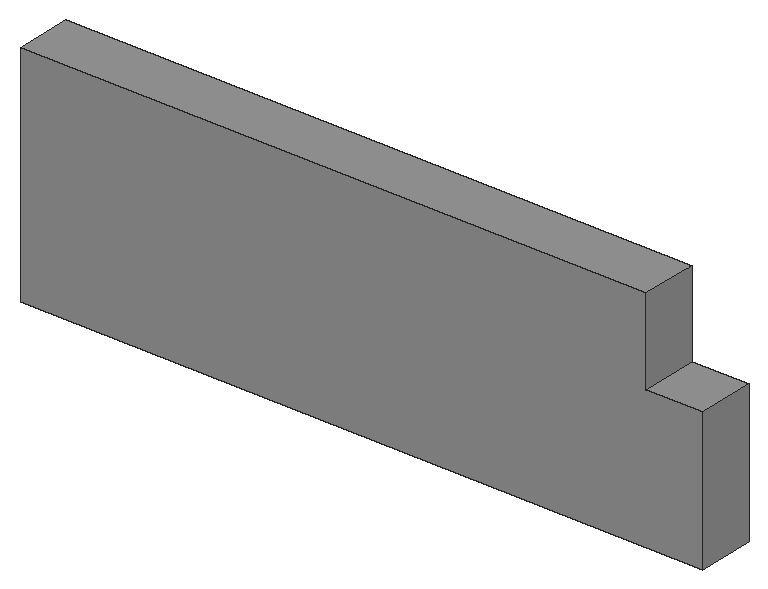
Revit family "1. Sálvora_NormalP_EN", category Modelos genéricos, Revit 2017
Family settings
  Anfitrión = Muro
  Puede alojar armadura = No
  Cota de conector redondo = Diámetro de uso
  Tipo de pieza = Normal
  Siempre vertical = Sí
  Corte con vacíos al cargar = No
  Compartido = No
  Punto de cálculo de habitación = No
Parameters (values of type "Stonepanel® Sálvora 20 cm - 60 cm")
  Stonepanel advantages = "More Efficient: Simple and quick installation: 10 times faster than traditional masonry (placing rate average 20m2/day). More profitable: virtually non-existent product waste. Natural Stone products are more durable than other cladding materials. Stonepanel™ installation requires no skilled labour or machinery.\r\nSafer: The incorporated mechanical anchor of Stonepanel™, made of stainless steel, enables the installation of natural stone panel on surfaces higher than two meters. Strong and uniform cement base ensures adherence and allows piece cutting without risk of detachment.\r\nHigh Quality: Manufacturing processes are continually monitored by the R&D Department of CUPAGROUP. A great selection of natural stone is done by the experts of CUPASTONE. Special pieces are available, such as corners (solid, straight end, double end or for windows), coverings and other complementary solutions.\r\nMore Aesthetic: ‘S’-shaped panels to avoid visible joints, in order to enhance the external look of any projet. A wide range of natural stone panels with different colours and finishes is available. Beauty and exclusiveness of the natural stone: each piece is unique."
  Uses Indicated = "Decorative cladding system suitable for indoor and outdoor use on new or existing buildings when attached to solid walls of masonry or concrete.\r\nStonepanel Sky can be installed at any height. Stonepanel can be installed at heights up to 2 metres."
  URL = "http://www.cupastone.com/cupa/productos/panel-de-piedra/?n=stonepanel-orient-oro"
  Fire resistance = "Non-combustible"
  Durability = "The system has a design life in excess of 30 years."
  Delivery form = "Panels are packed in plastic in pairs."
  Construction details = "Details of:\r\n- Installation with a metal profile\r\n- Installation of Stonepanel\r\n- Installation on interior wall\r\n- Installation of the safety element (perforated band, screws and wall plugs)\r\n- Incoming corner\r\n- Protruding corner\r\n- Prefabricated protruding corner\r\n- Protruding corner with sawn panels\r\n- Protruding corner without Stonepanel continuity (lateral façade)\r\n- Upper edges\r\n- Avobe parapet\r\n- Frame of vain"
  Resistance = "High resistance"
  Weight = "9,5 kg"
  Oxidation = "No oxidation"
  Other relevant info = "All panels installed above 2 m from the ground must be fixed with both mortar adhesive and mechanical fixings"
  Modelo = "Stonepanel® Sálvora"
  Material = "Brown reddish combined with darker and lighter tones, an original combination for contemporary homes."
  Cleaning = "Generally the panels do not require maintenance and are self-cleaning but removal of some types of mark may require specialist treatment\r\nFor abnormal soiling, the surface may be cleaned using a hot water/household detergent mixture, applied\r\nwith a suitable cleaning pad or sponge."
  Large = 600 mm
  Imagen de tipo = <Ninguno>
  Format = "600 x 200"
  Form = "“S”-shaped"
  Fabricante = "Cupastone"
  Anchor system = "Perforated steel banding:\r\n- Stainless steel grade AISI 316 (1.4401) or AISI 304 (1.4301) with a minimum thickness of 0.7 mm and width of 12 mm to 15 mm, with holes 6±1 mm in diameter.\r\n- Stainless steel grade AISI 304 (1.4301) with a minimum thickness of 0.8 mm and width of 10±1 mm, with holes 5±1 mm in diameter.\r\n- The steel banding has five holes on each of the two wings, which are aligned in order to fix a screw through both holes into the wall.\r\n\r\nStainless steel screws and wall plugs:\r\nThe pull-out value of the fixings for securing Stonepanel Sky panels to the wall should be determined on site using the characteristic pull-out resistance divided by a minimum safety factor of 3."
  Tests performed by Avis Technique = "Avis Technique\r\nMechanical strenth of the anchor\r\nResistance of the mechanical fixing\r\nTesting of durability after water\r\nDurability after freeze\r\nSeismic test\r\nFire test"
  Height offset = 0 mm
  Descripción = "Panel made of natural stones bonded to a cement base reinforced with glassfibre mesh\r\n Each panel incorporates an embedded mechanical anchor used for additional fixing system, for heights above 2 metres from the ground"
  Apparent Density = "86,5 kg/m2"
  Secondary colour = "Grey"
  Principal colour = "Brown"
  Certifications = "Avis Technique - France - In process"
  Aspect = "Rustic"
  Width = 50 mm
  Height = 200 mm
  Finish = "Natural"
  Absorption = "Low absorption"
Reference planes
  plane 1 "Muro": y = 0
  plane 2 "Centro (Izquierda/Derecha)": x = 125
  plane 3 "Posterior": y = 75
Forms (mm)
  Extrusion 1, solid, material "Stonepanel® SKY Orient Gold"
    sketch origin (0, 160, 1120) x (1, 0, 0) y (0, 0, 1)
      loop
        line (125, -1120) -> (125, -996) -> (75, -996) -> (75, -920) -> (-475, -920) -> (-475, -1120) -> (125, -1120)
    from 35 to 85
Text (mm)
  text "Cara de colocación" at (-1848.837, 1116.779, 0), in view "Nivel de referencia"
  text "Cara de colocación" at (0, 1409.804, 2854.306), in view "Izquierda"
  text "Cara de colocación" at (0, 499.811, 2980.732), in view "Derecha"
Dimensions and locks
  locked: plane 3 "Posterior" to host wall
  locked: Extrusion 1 to plane 3 "Posterior" at 0
  "Width": Extrusion 1 to Extrusion 1
  "Large": Extrusion 1 to Extrusion 1
  locked: Extrusion 1 to Extrusion 1 at 76
  "Height offset": level to Extrusion 1
  locked: Extrusion 1 to Extrusion 1 at 50
  "Height": Extrusion 1 to Extrusion 1
  aligned and locked: plane 1 "Muro" to host wall
Automatic sketch dimensions
  Extrusion 1 sketch curve to level = 0 mm
  Extrusion 1 sketch curve to plane 2 "Centro (Izquierda/Derecha)" = 0 mm
  Extrusion 1 sketch curve to plane 2 "Centro (Izquierda/Derecha)" = 50 mm
  level to Extrusion 1 sketch curve = 200 mm
  Extrusion 1 sketch curve to Extrusion 1 sketch curve = 550 mm
  level to Extrusion 1 sketch curve = 124 mm
